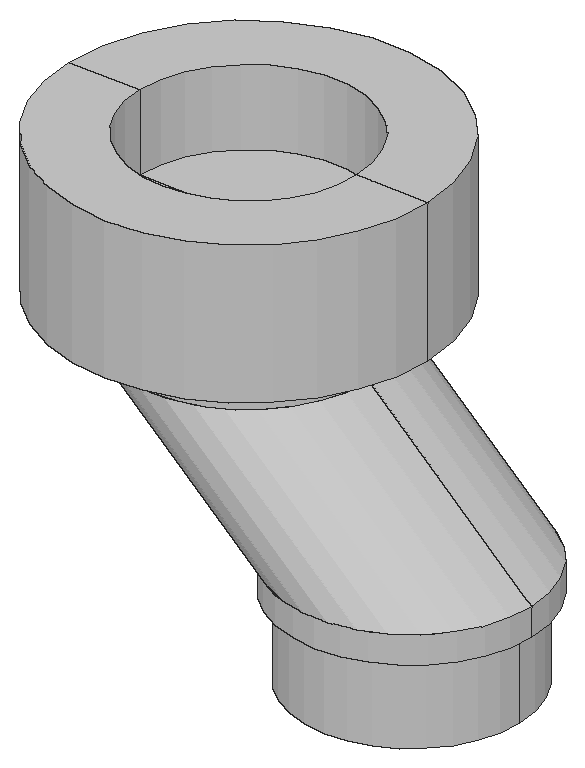
Revit family "3004 15_Anschlussverschraubung (Ausgleichsadapter)", category Rohrformteile, Revit 2021
Family settings
  Bemaßung runder Anschluss = Durchmesser verwenden
  Teiletyp = Verbindung
  OmniClass-Nummer = 23.65.55.14
  OmniClass-Titel = Valves for Liquid Services
  Arbeitsebenenbasiert = Nein
  Immer vertikal = Ja
  Beim Laden mit Abzugskörper schneiden = Nein
  Gemeinsam genutzt = Nein
Parameters (values of type "G3/4")
  Vorgabe-Ansicht = 0.00 mm
  URL = "www.herz-armaturen.at"
  SCRNSEQ = "AWI;AWI_TYP=\"1001\";2"
  SCRNCODE = "07;01;02"  # constant formula
  R01 = 15.00 mm  # constant formula
  O-Ring = "EPDM"  # constant formula
  Nennweite_IG = 20.00 mm  # constant formula
  Nennweite_AG = 20.00 mm  # constant formula
  Mutter = "Messing CW614N, vernickelt"  # constant formula
  Medium = "Heizungswasser nach ÖNORM H5195 oder VDI- Richtlinie 2035.\r\nDie Verwendung von Ethylen- oder Propyleneglykol in einem Mischungsverhältnis 25- 50% ist zulässig."
  Max. Betriebstemperatur = 110 °C  # constant formula
  Max. Betriebsdruck = 1000000.0 Pa  # constant formula
  L06 = 10.00 mm  # constant formula
  L05 = 2.10 mm  # constant formula
  L04 = 6.60 mm  # constant formula
  L03 = 3.00 mm  # constant formula
  L02 = 3.00 mm  # constant formula
  L01 = 13.00 mm  # constant formula
  Hinweiß = "Der O-Ring dient als zusätzliche Dichtung, bei Verlust ist der Ausgleichsadapter metallisch dichtend."
  Hersteller = "HERZ Armaturen Ges.m.b.H."  # constant formula
  GT1 = 7.50 mm  # constant formula
  GT = 7.00 mm  # constant formula
  D03 = 11.10 mm  # constant formula
  D02 = 10.20 mm  # constant formula
  D01 = 10.00 mm  # constant formula
  D00 = 16.50 mm  # constant formula
  Bestellnummer [instance] = 1300415  # constant formula
  Ausführung = "Ausgleichsadapter, Set 2 Stück, zum Ausgleich unterschiedlicher Rohranschlüsse, Radius 15mm, Ventilanschluss 3/4\" mit Konus, freidrehende Überwurfmutter konisch dichtend, Rohranschluss 3/4 AG."
  Anschlussboden = "Messing CC754S, vernickelt"  # constant formula
Reference planes
  plane 1 "Mitte (Vorne/hinten)": y = 0
  plane 2: z = 0
  plane 3 "Mitte (Links/rechts)": x = 0
  plane 4 "Unten": z = -22.9
  plane 5 "Oben": z = -9.6
Forms (mm)
  Revolve 1, solid, material "Messing, vernickelt", detail levels fine
    sketch origin (0, 0, 0) x (1, 0, 0) y (0, 0, 1)
      loop
        line (-16.5, 7) -> (-16.5, -6) -> (-10.2, -6) -> (-10.2, -3) -> (0, -3) -> (0, 0) -> (-10, 0) -> (-10, 7) -> (-16.5, 7)
      axis (0, 7) -> (0, -6)
    angle from 0 to 360
  Revolve 2, solid, material "Messing, vernickelt", detail levels fine
    sketch origin (0, 0, 0) x (1, 0, 0) y (0, 0, 1)
      loop
        line (0, -3) -> (-10.2, -3) -> (-10.2, -7.5) -> (-11.1, -7.5) -> (-11.1, -9.6) -> (0, -9.6) -> (0, -3)
      axis (0, -3) -> (0, -9.6)
    angle from 0 to 360
  Revolve 3, solid, material "Messing, vernickelt", detail levels fine
    sketch origin (0, 0, 0) x (1, 0, 0) y (0, 0, 1)
      loop
        line (15, -22.9) -> (3.9, -22.9) -> (3.9, -25.4) -> (5, -25.4) -> (5, -32.9) -> (15, -32.9) -> (15, -22.9)
      axis (15, -22.9) -> (15, -32.9)
    angle from 0 to 360
  Blend 4, solid, material "Messing, vernickelt", detail levels fine
    base sketch origin (0, 0, -22.9) x (-1, 0, 0) y (0, -1, 0)
      loop
        circle (-15, 0) r 11.1
    top sketch origin (0, 0, -22.9) x (-1, 0, 0) y (0, -1, 0)
      loop
        circle (0, 0) r 11.1
    from 0 to 13.3
Lines and regions (mm)
  model lines
    curve 1: circle (0, 0, 0) r 11.1 normal (0, 0, 1)
Dimensions and locks
  "D01": plane 3 "Mitte (Links/rechts)" to Revolve 1 sketch curve
  "D00": plane 3 "Mitte (Links/rechts)" to Revolve 1 sketch curve
  "GT": Revolve 1 sketch curve to plane 2
  "L01": Revolve 1 sketch curve to Revolve 1 sketch curve
  "L02": Revolve 1 sketch curve to Revolve 1 sketch curve
  "D02": Revolve 2 sketch curve to Revolve 2 sketch curve
  "L03": plane 2 to Revolve 2 sketch curve
  "L04": Revolve 2 sketch curve to Revolve 2 sketch curve
  "L05": Revolve 2 sketch curve to Revolve 2 sketch curve
  "D03": Revolve 2 sketch curve to Revolve 2 sketch curve
  "D02": Revolve 1 sketch curve to Revolve 1 sketch curve
  "R01": Revolve 3 sketch curve to plane 3 "Mitte (Links/rechts)"
  "D01": Revolve 3 sketch curve to Revolve 3 sketch curve
  "GT1": Revolve 3 sketch curve to Revolve 3 sketch curve
  "L06": Revolve 3 sketch curve to Revolve 3 sketch curve
  "D03": Revolve 3 sketch curve to Revolve 3 sketch curve
  aligned and locked: level to plane 2
Automatic sketch dimensions
  plane 1 "Mitte (Vorne/hinten)" to curve 1 = 0.00 mm
  curve 1 to plane 3 "Mitte (Links/rechts)" = 0.00 mm
  Blend 4 sketch curve to Blend 4 sketch curve = 0.00 mm  (x4)
  plane 1 "Mitte (Vorne/hinten)" to Blend 4 sketch curve = 0.00 mm  (x2)
  plane 3 "Mitte (Links/rechts)" to Blend 4 sketch curve = 15.00 mm
  Blend 4 sketch curve to Blend 4 sketch curve = 11.10 mm
  Blend 4 sketch curve to plane 3 "Mitte (Links/rechts)" = 0.00 mm
  plane 3 "Mitte (Links/rechts)" to Blend 4 sketch curve = 11.10 mm
  Revolve 1 sketch curve to plane 3 "Mitte (Links/rechts)" = 0.00 mm  (x2)
  Revolve 1 sketch curve to level = 0.00 mm
  Revolve 1 sketch curve to plane 4 "Unten" = 343.145 mm
  Revolve 1 sketch curve to Revolve 1 sketch curve = 2207.315 mm
  Revolve 2 sketch curve to plane 3 "Mitte (Links/rechts)" = 0.00 mm  (x2)
  Revolve 2 sketch curve to plane 4 "Unten" = 343.145 mm
  level to Revolve 2 sketch curve = 2214.315 mm
  Revolve 3 sketch curve to plane 4 "Unten" = 0.00 mm  (x2)
  Revolve 3 sketch curve to Revolve 3 sketch curve = 0.00 mm  (x2)
  radius of curve 1 = 11.10 mm
Connectors
  piping at (0, 0, 0), diameter 20, driven by "Nennweite_IG"
    settings: on Revolve 1, index 1, connector inside diameter 609.6 mm, connector length 0.00 mm, flow factor 0, pipe flow 0.0 L/s, pressure drop 0.0 Pa, fitting loss kfactor 0, connector angle 0.00°, fixture units 0, engagement length 0.00 mm, angle of deflection 0.00°, flow configuration 0, flow direction 0, fitting loss method 0, system type 29, joint type 0, gender type 0, connector reference index -1, connector utility 0, adjustable connector no, is connector primary yes, connector description ""
  piping at (15, 0, -32.9), diameter 20, driven by "Nennweite_AG"
    settings: on Revolve 3, index 2, connector inside diameter 609.6 mm, connector length 0.00 mm, flow factor 0, pipe flow 0.0 L/s, pressure drop 0.0 Pa, fitting loss kfactor 0, connector angle 0.00°, fixture units 0, engagement length 0.00 mm, angle of deflection 0.00°, flow configuration 0, flow direction 0, fitting loss method 0, system type 29, joint type 0, gender type 0, connector reference index -1, connector utility 0, adjustable connector no, is connector primary no, connector description ""
